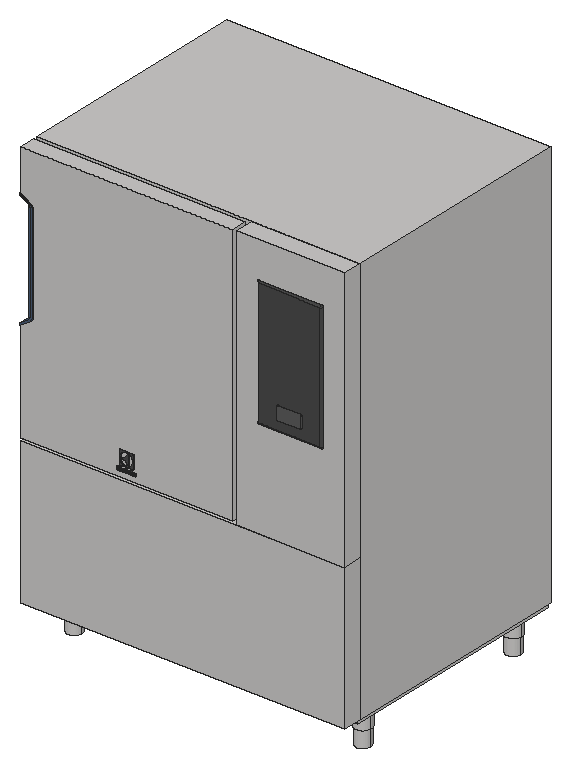
Revit family "QF_ELECTROLUXPROFESSIONAL_727908_EBFA12HE", category Specialty Equipment, Revit 2018 (continued)
Automatic sketch dimensions
  Split face 39 sketch curve to Extrusion 4 = 165.478 mm
  Split face 39 sketch curve to Split face 39 sketch curve = 4.974 mm
  Split face 40 sketch curve to Extrusion 4 = 30.031 mm
  Split face 40 sketch curve to Split face 40 sketch curve = 110.016 mm
  Split face 40 sketch curve to Extrusion 4 = 155.978 mm
  Split face 40 sketch curve to Split face 40 sketch curve = 4.974 mm
  Split face 41 sketch curve to Extrusion 4 = 30.031 mm
  Split face 41 sketch curve to Split face 41 sketch curve = 110.016 mm
  Split face 41 sketch curve to Extrusion 4 = 146.478 mm
  Split face 41 sketch curve to Split face 41 sketch curve = 4.974 mm
  Split face 42 sketch curve to Extrusion 4 = 33.499 mm
  Split face 42 sketch curve to Extrusion 4 = 150.022 mm
  Split face 42 sketch curve to Extrusion 4 = 28.525 mm
  Split face 42 sketch curve to Split face 42 sketch curve = 110.016 mm
  Split face 43 sketch curve to Extrusion 4 = 42.999 mm
  Split face 43 sketch curve to Extrusion 4 = 150.022 mm
  Split face 43 sketch curve to Extrusion 4 = 38.025 mm
  Split face 43 sketch curve to Split face 43 sketch curve = 110.016 mm
  Split face 44 sketch curve to Extrusion 4 = 52.499 mm
  Split face 44 sketch curve to Extrusion 4 = 150.022 mm
  Split face 44 sketch curve to Extrusion 4 = 47.525 mm
  Split face 44 sketch curve to Split face 44 sketch curve = 110.016 mm
  Split face 45 sketch curve to Extrusion 4 = 61.999 mm
  Split face 45 sketch curve to Extrusion 4 = 150.022 mm
  Split face 45 sketch curve to Split face 45 sketch curve = 110.016 mm
  Split face 45 sketch curve to Split face 45 sketch curve = 4.974 mm
  Split face 46 sketch curve to Extrusion 4 = 71.499 mm
  Split face 46 sketch curve to Extrusion 4 = 150.022 mm
  Split face 46 sketch curve to Split face 46 sketch curve = 110.016 mm
  Split face 46 sketch curve to Split face 46 sketch curve = 4.974 mm
  Split face 47 sketch curve to Extrusion 4 = 150.022 mm
  Split face 47 sketch curve to Split face 47 sketch curve = 110.016 mm
  Split face 47 sketch curve to Extrusion 4 = 80.999 mm
  Split face 47 sketch curve to Split face 47 sketch curve = 4.974 mm
  Split face 48 sketch curve to Extrusion 4 = 150.022 mm
  Split face 48 sketch curve to Split face 48 sketch curve = 110.016 mm
  Split face 48 sketch curve to Extrusion 4 = 90.499 mm
  Split face 48 sketch curve to Split face 48 sketch curve = 4.974 mm
  Split face 49 sketch curve to Extrusion 4 = 150.022 mm
  Split face 49 sketch curve to Split face 49 sketch curve = 110.016 mm
  Split face 49 sketch curve to Extrusion 4 = 99.999 mm
  Split face 49 sketch curve to Split face 49 sketch curve = 4.974 mm
  Split face 50 sketch curve to Extrusion 4 = 150.022 mm
  Split face 50 sketch curve to Split face 50 sketch curve = 110.016 mm
  Split face 50 sketch curve to Extrusion 4 = 109.499 mm
  Split face 50 sketch curve to Split face 50 sketch curve = 4.974 mm
  Split face 51 sketch curve to Extrusion 4 = 150.022 mm
  Split face 51 sketch curve to Split face 51 sketch curve = 110.016 mm
  Split face 51 sketch curve to Extrusion 4 = 119 mm
  Split face 51 sketch curve to Split face 51 sketch curve = 4.974 mm
  Split face 52 sketch curve to Extrusion 4 = 150.022 mm
  Split face 52 sketch curve to Split face 52 sketch curve = 110.016 mm
  Split face 52 sketch curve to Extrusion 4 = 128.5 mm
  Split face 52 sketch curve to Split face 52 sketch curve = 4.974 mm
  Split face 53 sketch curve to Extrusion 4 = 150.022 mm
  Split face 53 sketch curve to Split face 53 sketch curve = 110.016 mm
  Split face 53 sketch curve to Extrusion 4 = 138 mm
  Split face 53 sketch curve to Split face 53 sketch curve = 4.974 mm
  Split face 54 sketch curve to Extrusion 4 = 150.022 mm
  Split face 54 sketch curve to Split face 54 sketch curve = 110.016 mm
  Split face 54 sketch curve to Extrusion 4 = 147.5 mm
  Split face 54 sketch curve to Split face 54 sketch curve = 4.974 mm
  Split face 55 sketch curve to Extrusion 4 = 150.022 mm
  Split face 55 sketch curve to Split face 55 sketch curve = 110.016 mm
  Split face 55 sketch curve to Extrusion 4 = 157 mm
  Split face 55 sketch curve to Split face 55 sketch curve = 4.974 mm
  Split face 56 sketch curve to Extrusion 4 = 150.022 mm
  Split face 56 sketch curve to Split face 56 sketch curve = 110.016 mm
  Split face 56 sketch curve to Extrusion 4 = 166.5 mm
  Split face 56 sketch curve to Split face 56 sketch curve = 4.974 mm
  Split face 57 sketch curve to Extrusion 4 = 150.022 mm
  Split face 57 sketch curve to Split face 57 sketch curve = 110.016 mm
  Split face 57 sketch curve to Extrusion 4 = 176 mm
  Split face 57 sketch curve to Split face 57 sketch curve = 4.974 mm
  Split face 58 sketch curve to Extrusion 4 = 150.022 mm
  Split face 58 sketch curve to Split face 58 sketch curve = 110.016 mm
  Split face 58 sketch curve to Extrusion 4 = 185.5 mm
  Split face 58 sketch curve to Split face 58 sketch curve = 4.974 mm
  Split face 59 sketch curve to Extrusion 4 = 150.022 mm
  Split face 59 sketch curve to Split face 59 sketch curve = 110.016 mm
  Split face 59 sketch curve to Extrusion 4 = 195 mm
  Split face 59 sketch curve to Split face 59 sketch curve = 4.974 mm
  Split face 60 sketch curve to Extrusion 4 = 150.022 mm
  Split face 60 sketch curve to Split face 60 sketch curve = 110.016 mm
  Split face 60 sketch curve to Extrusion 4 = 204.5 mm
  Split face 60 sketch curve to Split face 60 sketch curve = 4.974 mm
  Split face 61 sketch curve to Extrusion 4 = 150.022 mm
  Split face 61 sketch curve to Split face 61 sketch curve = 110.016 mm
  Split face 61 sketch curve to Extrusion 4 = 214 mm
  Split face 61 sketch curve to Split face 61 sketch curve = 4.974 mm
  Split face 62 sketch curve to Extrusion 4 = 150.022 mm
  Split face 62 sketch curve to Split face 62 sketch curve = 110.016 mm
  Split face 62 sketch curve to Extrusion 4 = 223.5 mm
  Split face 62 sketch curve to Split face 62 sketch curve = 4.974 mm
  Split face 63 sketch curve to Extrusion 4 = 150.022 mm
  Split face 63 sketch curve to Split face 63 sketch curve = 110.016 mm
  Split face 63 sketch curve to Extrusion 4 = 233.001 mm
  Split face 63 sketch curve to Split face 63 sketch curve = 4.974 mm
  Split face 64 sketch curve to Extrusion 4 = 150.022 mm
  Split face 64 sketch curve to Split face 64 sketch curve = 110.016 mm
  Split face 64 sketch curve to Extrusion 4 = 242.501 mm
  Split face 64 sketch curve to Split face 64 sketch curve = 4.974 mm
  Split face 65 sketch curve to Extrusion 4 = 150.022 mm
  Split face 65 sketch curve to Split face 65 sketch curve = 110.016 mm
  Split face 65 sketch curve to Extrusion 4 = 252.001 mm
  Split face 65 sketch curve to Split face 65 sketch curve = 4.974 mm
  Split face 66 sketch curve to Extrusion 4 = 150.022 mm
  Split face 66 sketch curve to Split face 66 sketch curve = 110.016 mm
  Split face 66 sketch curve to Extrusion 4 = 261.501 mm
  Split face 66 sketch curve to Split face 66 sketch curve = 4.974 mm
  Split face 67 sketch curve to Extrusion 4 = 150.022 mm
  Split face 67 sketch curve to Split face 67 sketch curve = 110.016 mm
  Split face 67 sketch curve to Extrusion 4 = 271.001 mm
  Split face 67 sketch curve to Split face 67 sketch curve = 4.974 mm
  Split face 68 sketch curve to Extrusion 4 = 150.022 mm
  Split face 68 sketch curve to Split face 68 sketch curve = 110.016 mm
  Split face 68 sketch curve to Extrusion 4 = 279.479 mm
  Split face 68 sketch curve to Split face 68 sketch curve = 4.974 mm
  Split face 69 sketch curve to Extrusion 4 = 150.022 mm
  Split face 69 sketch curve to Split face 69 sketch curve = 110.016 mm
  Split face 69 sketch curve to Extrusion 4 = 269.979 mm
  Split face 69 sketch curve to Split face 69 sketch curve = 4.974 mm
  Split face 70 sketch curve to Extrusion 4 = 150.022 mm
  Split face 70 sketch curve to Split face 70 sketch curve = 110.016 mm
  Split face 70 sketch curve to Extrusion 4 = 260.479 mm
  Split face 70 sketch curve to Split face 70 sketch curve = 4.974 mm
  Split face 71 sketch curve to Extrusion 4 = 150.022 mm
  Split face 71 sketch curve to Split face 71 sketch curve = 110.016 mm
  Split face 71 sketch curve to Extrusion 4 = 250.978 mm
  Split face 71 sketch curve to Split face 71 sketch curve = 4.974 mm
  Split face 72 sketch curve to Extrusion 4 = 150.022 mm
  Split face 72 sketch curve to Split face 72 sketch curve = 110.016 mm
  Split face 72 sketch curve to Extrusion 4 = 241.478 mm
  Split face 72 sketch curve to Split face 72 sketch curve = 4.974 mm
  Split face 73 sketch curve to Extrusion 4 = 150.022 mm
  Split face 73 sketch curve to Split face 73 sketch curve = 110.016 mm
  Split face 73 sketch curve to Extrusion 4 = 231.978 mm
  Split face 73 sketch curve to Split face 73 sketch curve = 4.974 mm
  Split face 74 sketch curve to Extrusion 4 = 150.022 mm
  Split face 74 sketch curve to Split face 74 sketch curve = 110.016 mm
  Split face 74 sketch curve to Extrusion 4 = 222.478 mm
  Split face 74 sketch curve to Split face 74 sketch curve = 4.974 mm
  Split face 75 sketch curve to Extrusion 4 = 150.022 mm
  Split face 75 sketch curve to Split face 75 sketch curve = 110.016 mm
  Split face 75 sketch curve to Extrusion 4 = 212.978 mm
  Split face 75 sketch curve to Split face 75 sketch curve = 4.974 mm
  Split face 76 sketch curve to Extrusion 4 = 150.022 mm
  Split face 76 sketch curve to Split face 76 sketch curve = 110.016 mm
  Split face 76 sketch curve to Extrusion 4 = 203.478 mm
  Split face 76 sketch curve to Split face 76 sketch curve = 4.974 mm
  Split face 77 sketch curve to Extrusion 4 = 150.022 mm
  Split face 77 sketch curve to Split face 77 sketch curve = 110.016 mm
  Split face 77 sketch curve to Extrusion 4 = 193.978 mm
  Split face 77 sketch curve to Split face 77 sketch curve = 4.974 mm
  Split face 78 sketch curve to Extrusion 4 = 150.022 mm
  Split face 78 sketch curve to Split face 78 sketch curve = 110.016 mm
  Split face 78 sketch curve to Extrusion 4 = 184.478 mm
  Split face 78 sketch curve to Split face 78 sketch curve = 4.974 mm
  Split face 79 sketch curve to Extrusion 4 = 150.022 mm
  Split face 79 sketch curve to Split face 79 sketch curve = 110.016 mm
  Split face 79 sketch curve to Extrusion 4 = 174.978 mm
  Split face 79 sketch curve to Split face 79 sketch curve = 4.974 mm
  Split face 80 sketch curve to Extrusion 4 = 150.022 mm
  Split face 80 sketch curve to Split face 80 sketch curve = 110.016 mm
  Split face 80 sketch curve to Extrusion 4 = 165.478 mm
  Split face 80 sketch curve to Split face 80 sketch curve = 4.974 mm
  Split face 81 sketch curve to Extrusion 4 = 150.022 mm
  Split face 81 sketch curve to Split face 81 sketch curve = 110.016 mm
  Split face 81 sketch curve to Extrusion 4 = 155.978 mm
  Split face 81 sketch curve to Split face 81 sketch curve = 4.974 mm
  Split face 82 sketch curve to Extrusion 4 = 150.022 mm
  Split face 82 sketch curve to Split face 82 sketch curve = 110.016 mm
  Split face 82 sketch curve to Extrusion 4 = 146.478 mm
  Split face 82 sketch curve to Split face 82 sketch curve = 4.974 mm
  Split face 83 sketch curve to Extrusion 4 = 33.499 mm
  Split face 83 sketch curve to Extrusion 4 = 270.014 mm
  Split face 83 sketch curve to Extrusion 4 = 28.525 mm
  Split face 83 sketch curve to Split face 83 sketch curve = 110.016 mm
  Split face 84 sketch curve to Extrusion 4 = 42.999 mm
  Split face 84 sketch curve to Extrusion 4 = 270.014 mm
  Split face 84 sketch curve to Extrusion 4 = 38.025 mm
  Split face 84 sketch curve to Split face 84 sketch curve = 110.016 mm
  Split face 85 sketch curve to Extrusion 4 = 52.499 mm
  Split face 85 sketch curve to Extrusion 4 = 270.014 mm
  Split face 85 sketch curve to Extrusion 4 = 47.525 mm
  Split face 85 sketch curve to Split face 85 sketch curve = 110.016 mm
  Split face 86 sketch curve to Extrusion 4 = 61.999 mm
  Split face 86 sketch curve to Extrusion 4 = 270.014 mm
  Split face 86 sketch curve to Split face 86 sketch curve = 110.016 mm
  Split face 86 sketch curve to Split face 86 sketch curve = 4.974 mm
  Split face 87 sketch curve to Extrusion 4 = 71.499 mm
  Split face 87 sketch curve to Extrusion 4 = 270.014 mm
  Split face 87 sketch curve to Split face 87 sketch curve = 110.016 mm
  Split face 87 sketch curve to Split face 87 sketch curve = 4.974 mm
  Split face 88 sketch curve to Extrusion 4 = 80.999 mm
  Split face 88 sketch curve to Extrusion 4 = 270.014 mm
  Split face 88 sketch curve to Split face 88 sketch curve = 110.016 mm
  Split face 88 sketch curve to Split face 88 sketch curve = 4.974 mm
  Split face 89 sketch curve to Extrusion 4 = 90.499 mm
  Split face 89 sketch curve to Extrusion 4 = 270.014 mm
  Split face 89 sketch curve to Split face 89 sketch curve = 110.016 mm
  Split face 89 sketch curve to Split face 89 sketch curve = 4.974 mm
  Split face 90 sketch curve to Extrusion 4 = 99.999 mm
  Split face 90 sketch curve to Extrusion 4 = 270.014 mm
  Split face 90 sketch curve to Split face 90 sketch curve = 110.016 mm
  Split face 90 sketch curve to Split face 90 sketch curve = 4.974 mm
  Split face 91 sketch curve to Extrusion 4 = 109.499 mm
  Split face 91 sketch curve to Extrusion 4 = 270.014 mm
  Split face 91 sketch curve to Split face 91 sketch curve = 110.016 mm
  Split face 91 sketch curve to Split face 91 sketch curve = 4.974 mm
  Split face 92 sketch curve to Extrusion 4 = 119 mm
  Split face 92 sketch curve to Extrusion 4 = 270.014 mm
  Split face 92 sketch curve to Split face 92 sketch curve = 110.016 mm
  Split face 92 sketch curve to Split face 92 sketch curve = 4.974 mm
  Split face 93 sketch curve to Extrusion 4 = 128.5 mm
  Split face 93 sketch curve to Extrusion 4 = 270.014 mm
  Split face 93 sketch curve to Split face 93 sketch curve = 110.016 mm
  Split face 93 sketch curve to Split face 93 sketch curve = 4.974 mm
  Split face 94 sketch curve to Extrusion 4 = 270.014 mm
  Split face 94 sketch curve to Split face 94 sketch curve = 110.016 mm
  Split face 94 sketch curve to Extrusion 4 = 138 mm
  Split face 94 sketch curve to Split face 94 sketch curve = 4.974 mm
  Split face 95 sketch curve to Extrusion 4 = 270.014 mm
  Split face 95 sketch curve to Split face 95 sketch curve = 110.016 mm
  Split face 95 sketch curve to Extrusion 4 = 147.5 mm
  Split face 95 sketch curve to Split face 95 sketch curve = 4.974 mm
  Split face 96 sketch curve to Extrusion 4 = 270.014 mm
  Split face 96 sketch curve to Split face 96 sketch curve = 110.016 mm
  Split face 96 sketch curve to Extrusion 4 = 157 mm
  Split face 96 sketch curve to Split face 96 sketch curve = 4.974 mm
  Split face 97 sketch curve to Extrusion 4 = 270.014 mm
  Split face 97 sketch curve to Split face 97 sketch curve = 110.016 mm
  Split face 97 sketch curve to Extrusion 4 = 166.5 mm
  Split face 97 sketch curve to Split face 97 sketch curve = 4.974 mm
  Split face 98 sketch curve to Extrusion 4 = 270.014 mm
  Split face 98 sketch curve to Split face 98 sketch curve = 110.016 mm
  Split face 98 sketch curve to Extrusion 4 = 176 mm
  Split face 98 sketch curve to Split face 98 sketch curve = 4.974 mm
  Split face 99 sketch curve to Extrusion 4 = 270.014 mm
  Split face 99 sketch curve to Split face 99 sketch curve = 110.016 mm
  Split face 99 sketch curve to Extrusion 4 = 185.5 mm
  Split face 99 sketch curve to Split face 99 sketch curve = 4.974 mm
  Split face 100 sketch curve to Extrusion 4 = 270.014 mm
  Split face 100 sketch curve to Split face 100 sketch curve = 110.016 mm
  Split face 100 sketch curve to Extrusion 4 = 195 mm
  Split face 100 sketch curve to Split face 100 sketch curve = 4.974 mm
  Split face 101 sketch curve to Extrusion 4 = 270.014 mm
  Split face 101 sketch curve to Split face 101 sketch curve = 110.016 mm
  Split face 101 sketch curve to Extrusion 4 = 204.5 mm
  Split face 101 sketch curve to Split face 101 sketch curve = 4.974 mm
  Split face 102 sketch curve to Extrusion 4 = 270.014 mm
  Split face 102 sketch curve to Split face 102 sketch curve = 110.016 mm
  Split face 102 sketch curve to Extrusion 4 = 214 mm
  Split face 102 sketch curve to Split face 102 sketch curve = 4.974 mm
  Split face 103 sketch curve to Extrusion 4 = 270.014 mm
  Split face 103 sketch curve to Split face 103 sketch curve = 110.016 mm
  Split face 103 sketch curve to Extrusion 4 = 223.5 mm
  Split face 103 sketch curve to Split face 103 sketch curve = 4.974 mm
  Split face 104 sketch curve to Extrusion 4 = 270.014 mm
  Split face 104 sketch curve to Split face 104 sketch curve = 110.016 mm
  Split face 104 sketch curve to Extrusion 4 = 233.001 mm
  Split face 104 sketch curve to Split face 104 sketch curve = 4.974 mm
  Split face 105 sketch curve to Extrusion 4 = 270.014 mm
  Split face 105 sketch curve to Split face 105 sketch curve = 110.016 mm
  Split face 105 sketch curve to Extrusion 4 = 242.501 mm
  Split face 105 sketch curve to Split face 105 sketch curve = 4.974 mm
  Split face 106 sketch curve to Extrusion 4 = 270.014 mm
  Split face 106 sketch curve to Split face 106 sketch curve = 110.016 mm
  Split face 106 sketch curve to Extrusion 4 = 252.001 mm
  Split face 106 sketch curve to Split face 106 sketch curve = 4.974 mm
  Split face 107 sketch curve to Extrusion 4 = 270.014 mm
  Split face 107 sketch curve to Split face 107 sketch curve = 110.016 mm
  Split face 107 sketch curve to Extrusion 4 = 261.501 mm
  Split face 107 sketch curve to Split face 107 sketch curve = 4.974 mm
  Split face 108 sketch curve to Extrusion 4 = 270.014 mm
  Split face 108 sketch curve to Split face 108 sketch curve = 110.016 mm
  Split face 108 sketch curve to Extrusion 4 = 271.001 mm
  Split face 108 sketch curve to Split face 108 sketch curve = 4.974 mm
  Split face 109 sketch curve to Extrusion 4 = 270.014 mm
  Split face 109 sketch curve to Split face 109 sketch curve = 110.016 mm
  Split face 109 sketch curve to Extrusion 4 = 279.479 mm
  Split face 109 sketch curve to Split face 109 sketch curve = 4.974 mm
  Split face 110 sketch curve to Extrusion 4 = 270.014 mm
  Split face 110 sketch curve to Split face 110 sketch curve = 110.016 mm
  Split face 110 sketch curve to Extrusion 4 = 269.979 mm
  Split face 110 sketch curve to Split face 110 sketch curve = 4.974 mm
  Split face 111 sketch curve to Extrusion 4 = 270.014 mm
  Split face 111 sketch curve to Split face 111 sketch curve = 110.016 mm
  Split face 111 sketch curve to Extrusion 4 = 260.479 mm
  Split face 111 sketch curve to Split face 111 sketch curve = 4.974 mm
  Split face 112 sketch curve to Extrusion 4 = 270.014 mm
  Split face 112 sketch curve to Split face 112 sketch curve = 110.016 mm
  Split face 112 sketch curve to Extrusion 4 = 250.978 mm
  Split face 112 sketch curve to Split face 112 sketch curve = 4.974 mm
  Split face 113 sketch curve to Extrusion 4 = 270.014 mm
  Split face 113 sketch curve to Split face 113 sketch curve = 110.016 mm
  Split face 113 sketch curve to Extrusion 4 = 241.478 mm
  Split face 113 sketch curve to Split face 113 sketch curve = 4.974 mm
  Split face 114 sketch curve to Extrusion 4 = 270.014 mm
  Split face 114 sketch curve to Split face 114 sketch curve = 110.016 mm
  Split face 114 sketch curve to Extrusion 4 = 231.978 mm
  Split face 114 sketch curve to Split face 114 sketch curve = 4.974 mm
  Split face 115 sketch curve to Extrusion 4 = 270.014 mm
  Split face 115 sketch curve to Split face 115 sketch curve = 110.016 mm
  Split face 115 sketch curve to Extrusion 4 = 222.478 mm
  Split face 115 sketch curve to Split face 115 sketch curve = 4.974 mm
  Split face 116 sketch curve to Extrusion 4 = 270.014 mm
  Split face 116 sketch curve to Split face 116 sketch curve = 110.016 mm
  Split face 116 sketch curve to Extrusion 4 = 212.978 mm
  Split face 116 sketch curve to Split face 116 sketch curve = 4.974 mm
  Split face 117 sketch curve to Extrusion 4 = 270.014 mm
  Split face 117 sketch curve to Split face 117 sketch curve = 110.016 mm
  Split face 117 sketch curve to Extrusion 4 = 203.478 mm
  Split face 117 sketch curve to Split face 117 sketch curve = 4.974 mm
  Split face 118 sketch curve to Extrusion 4 = 270.014 mm
  Split face 118 sketch curve to Split face 118 sketch curve = 110.016 mm
  Split face 118 sketch curve to Extrusion 4 = 193.978 mm
  Split face 118 sketch curve to Split face 118 sketch curve = 4.974 mm
  Split face 119 sketch curve to Extrusion 4 = 270.014 mm
  Split face 119 sketch curve to Split face 119 sketch curve = 110.016 mm
  Split face 119 sketch curve to Extrusion 4 = 184.478 mm
  Split face 119 sketch curve to Split face 119 sketch curve = 4.974 mm
  Split face 120 sketch curve to Extrusion 4 = 270.014 mm
  Split face 120 sketch curve to Split face 120 sketch curve = 110.016 mm
  Split face 120 sketch curve to Extrusion 4 = 174.978 mm
  Split face 120 sketch curve to Split face 120 sketch curve = 4.974 mm
  Split face 121 sketch curve to Extrusion 4 = 270.014 mm
  Split face 121 sketch curve to Split face 121 sketch curve = 110.016 mm
  Split face 121 sketch curve to Extrusion 4 = 165.478 mm
  Split face 121 sketch curve to Split face 121 sketch curve = 4.974 mm
  Split face 122 sketch curve to Extrusion 4 = 270.014 mm
  Split face 122 sketch curve to Split face 122 sketch curve = 110.016 mm
  Split face 122 sketch curve to Extrusion 4 = 155.978 mm
  Split face 122 sketch curve to Split face 122 sketch curve = 4.974 mm
  Split face 123 sketch curve to Extrusion 4 = 270.014 mm
  Split face 123 sketch curve to Split face 123 sketch curve = 110.016 mm
  Split face 123 sketch curve to Extrusion 4 = 146.478 mm
  Split face 123 sketch curve to Split face 123 sketch curve = 4.974 mm
  Split face 124 sketch curve to Extrusion 4 = 33.499 mm
  Split face 124 sketch curve to Extrusion 4 = 390.005 mm
  Split face 124 sketch curve to Extrusion 4 = 28.525 mm
  Split face 124 sketch curve to Split face 124 sketch curve = 110.016 mm
  Split face 125 sketch curve to Extrusion 4 = 42.999 mm
  Split face 125 sketch curve to Extrusion 4 = 390.005 mm
  Split face 125 sketch curve to Extrusion 4 = 38.025 mm
  Split face 125 sketch curve to Split face 125 sketch curve = 110.016 mm
  Split face 126 sketch curve to Extrusion 4 = 52.499 mm
  Split face 126 sketch curve to Extrusion 4 = 390.005 mm
  Split face 126 sketch curve to Extrusion 4 = 47.525 mm
  Split face 126 sketch curve to Split face 126 sketch curve = 110.016 mm
  Split face 127 sketch curve to Extrusion 4 = 61.999 mm
  Split face 127 sketch curve to Extrusion 4 = 390.005 mm
  Split face 127 sketch curve to Split face 127 sketch curve = 110.016 mm
  Split face 127 sketch curve to Split face 127 sketch curve = 4.974 mm
  Split face 128 sketch curve to Extrusion 4 = 71.499 mm
  Split face 128 sketch curve to Extrusion 4 = 390.005 mm
  Split face 128 sketch curve to Split face 128 sketch curve = 110.016 mm
  Split face 128 sketch curve to Split face 128 sketch curve = 4.974 mm
  Split face 129 sketch curve to Extrusion 4 = 80.999 mm
  Split face 129 sketch curve to Extrusion 4 = 390.005 mm
  Split face 129 sketch curve to Split face 129 sketch curve = 110.016 mm
  Split face 129 sketch curve to Split face 129 sketch curve = 4.974 mm
  Split face 130 sketch curve to Extrusion 4 = 90.499 mm
  Split face 130 sketch curve to Extrusion 4 = 390.005 mm
  Split face 130 sketch curve to Split face 130 sketch curve = 110.016 mm
  Split face 130 sketch curve to Split face 130 sketch curve = 4.974 mm
  Split face 131 sketch curve to Extrusion 4 = 99.999 mm
  Split face 131 sketch curve to Extrusion 4 = 390.005 mm
  Split face 131 sketch curve to Split face 131 sketch curve = 110.016 mm
  Split face 131 sketch curve to Split face 131 sketch curve = 4.974 mm
  Split face 132 sketch curve to Extrusion 4 = 109.499 mm
  Split face 132 sketch curve to Extrusion 4 = 390.005 mm
  Split face 132 sketch curve to Split face 132 sketch curve = 110.016 mm
  Split face 132 sketch curve to Split face 132 sketch curve = 4.974 mm
  Split face 133 sketch curve to Extrusion 4 = 119 mm
  Split face 133 sketch curve to Extrusion 4 = 390.005 mm
  Split face 133 sketch curve to Split face 133 sketch curve = 110.016 mm
  Split face 133 sketch curve to Split face 133 sketch curve = 4.974 mm
  Split face 134 sketch curve to Extrusion 4 = 128.5 mm
  Split face 134 sketch curve to Extrusion 4 = 390.005 mm
  Split face 134 sketch curve to Split face 134 sketch curve = 110.016 mm
  Split face 134 sketch curve to Split face 134 sketch curve = 4.974 mm
  Split face 135 sketch curve to Extrusion 4 = 138 mm
  Split face 135 sketch curve to Extrusion 4 = 390.005 mm
  Split face 135 sketch curve to Split face 135 sketch curve = 110.016 mm
  Split face 135 sketch curve to Split face 135 sketch curve = 4.974 mm
  Split face 136 sketch curve to Extrusion 4 = 147.5 mm
  Split face 136 sketch curve to Extrusion 4 = 390.005 mm
  Split face 136 sketch curve to Split face 136 sketch curve = 110.016 mm
  Split face 136 sketch curve to Split face 136 sketch curve = 4.974 mm
  Split face 137 sketch curve to Extrusion 4 = 157 mm
  Split face 137 sketch curve to Extrusion 4 = 390.005 mm
  Split face 137 sketch curve to Split face 137 sketch curve = 110.016 mm
  Split face 137 sketch curve to Split face 137 sketch curve = 4.974 mm
  Split face 138 sketch curve to Extrusion 4 = 166.5 mm
  Split face 138 sketch curve to Extrusion 4 = 390.005 mm
  Split face 138 sketch curve to Split face 138 sketch curve = 110.016 mm
  Split face 138 sketch curve to Split face 138 sketch curve = 4.974 mm
  Split face 139 sketch curve to Extrusion 4 = 176 mm
  Split face 139 sketch curve to Extrusion 4 = 390.005 mm
  Split face 139 sketch curve to Split face 139 sketch curve = 110.016 mm
  Split face 139 sketch curve to Split face 139 sketch curve = 4.974 mm
  Split face 140 sketch curve to Extrusion 4 = 185.5 mm
  Split face 140 sketch curve to Extrusion 4 = 390.005 mm
  Split face 140 sketch curve to Split face 140 sketch curve = 110.016 mm
  Split face 140 sketch curve to Split face 140 sketch curve = 4.974 mm
  Split face 141 sketch curve to Extrusion 4 = 195 mm
  Split face 141 sketch curve to Extrusion 4 = 390.005 mm
  Split face 141 sketch curve to Split face 141 sketch curve = 110.016 mm
  Split face 141 sketch curve to Split face 141 sketch curve = 4.974 mm
  Split face 142 sketch curve to Extrusion 4 = 390.005 mm
  Split face 142 sketch curve to Split face 142 sketch curve = 110.016 mm
  Split face 142 sketch curve to Extrusion 4 = 204.5 mm
  Split face 142 sketch curve to Split face 142 sketch curve = 4.974 mm
  Split face 143 sketch curve to Extrusion 4 = 390.005 mm
  Split face 143 sketch curve to Split face 143 sketch curve = 110.016 mm
  Split face 143 sketch curve to Extrusion 4 = 214 mm
  Split face 143 sketch curve to Split face 143 sketch curve = 4.974 mm
  Split face 144 sketch curve to Extrusion 4 = 390.005 mm
  Split face 144 sketch curve to Split face 144 sketch curve = 110.016 mm
  Split face 144 sketch curve to Extrusion 4 = 223.5 mm
  Split face 144 sketch curve to Split face 144 sketch curve = 4.974 mm
  Split face 145 sketch curve to Extrusion 4 = 390.005 mm
  Split face 145 sketch curve to Split face 145 sketch curve = 110.016 mm
  Split face 145 sketch curve to Extrusion 4 = 233.001 mm
  Split face 145 sketch curve to Split face 145 sketch curve = 4.974 mm
  Split face 146 sketch curve to Extrusion 4 = 390.005 mm
  Split face 146 sketch curve to Split face 146 sketch curve = 110.016 mm
  Split face 146 sketch curve to Extrusion 4 = 242.501 mm
  Split face 146 sketch curve to Split face 146 sketch curve = 4.974 mm
  Split face 147 sketch curve to Extrusion 4 = 390.005 mm
  Split face 147 sketch curve to Split face 147 sketch curve = 110.016 mm
  Split face 147 sketch curve to Extrusion 4 = 252.001 mm
  Split face 147 sketch curve to Split face 147 sketch curve = 4.974 mm
  Split face 148 sketch curve to Extrusion 4 = 390.005 mm
  Split face 148 sketch curve to Split face 148 sketch curve = 110.016 mm
  Split face 148 sketch curve to Extrusion 4 = 261.501 mm
  Split face 148 sketch curve to Split face 148 sketch curve = 4.974 mm
  Split face 149 sketch curve to Extrusion 4 = 390.005 mm
  Split face 149 sketch curve to Split face 149 sketch curve = 110.016 mm
  Split face 149 sketch curve to Extrusion 4 = 271.001 mm
  Split face 149 sketch curve to Split face 149 sketch curve = 4.974 mm
  Split face 150 sketch curve to Extrusion 4 = 390.005 mm
  Split face 150 sketch curve to Split face 150 sketch curve = 110.016 mm
  Split face 150 sketch curve to Extrusion 4 = 279.479 mm
  Split face 150 sketch curve to Split face 150 sketch curve = 4.974 mm
  Split face 151 sketch curve to Extrusion 4 = 390.005 mm
  Split face 151 sketch curve to Split face 151 sketch curve = 110.016 mm
  Split face 151 sketch curve to Extrusion 4 = 269.979 mm
  Split face 151 sketch curve to Split face 151 sketch curve = 4.974 mm
  Split face 152 sketch curve to Extrusion 4 = 390.005 mm
  Split face 152 sketch curve to Split face 152 sketch curve = 110.016 mm
  Split face 152 sketch curve to Extrusion 4 = 260.479 mm
  Split face 152 sketch curve to Split face 152 sketch curve = 4.974 mm
  Split face 153 sketch curve to Extrusion 4 = 390.005 mm
  Split face 153 sketch curve to Split face 153 sketch curve = 110.016 mm
  Split face 153 sketch curve to Extrusion 4 = 250.978 mm
  Split face 153 sketch curve to Split face 153 sketch curve = 4.974 mm
  Split face 154 sketch curve to Extrusion 4 = 390.005 mm
  Split face 154 sketch curve to Split face 154 sketch curve = 110.016 mm
  Split face 154 sketch curve to Extrusion 4 = 241.478 mm
  Split face 154 sketch curve to Split face 154 sketch curve = 4.974 mm
  Split face 155 sketch curve to Extrusion 4 = 390.005 mm
  Split face 155 sketch curve to Split face 155 sketch curve = 110.016 mm
  Split face 155 sketch curve to Extrusion 4 = 231.978 mm
  Split face 155 sketch curve to Split face 155 sketch curve = 4.974 mm
  Split face 156 sketch curve to Extrusion 4 = 390.005 mm
  Split face 156 sketch curve to Split face 156 sketch curve = 110.016 mm
  Split face 156 sketch curve to Extrusion 4 = 222.478 mm
  Split face 156 sketch curve to Split face 156 sketch curve = 4.974 mm
  Split face 157 sketch curve to Extrusion 4 = 390.005 mm
  Split face 157 sketch curve to Split face 157 sketch curve = 110.016 mm
  Split face 157 sketch curve to Extrusion 4 = 212.978 mm
  Split face 157 sketch curve to Split face 157 sketch curve = 4.974 mm
  Split face 158 sketch curve to Extrusion 4 = 390.005 mm
  Split face 158 sketch curve to Split face 158 sketch curve = 110.016 mm
  Split face 158 sketch curve to Extrusion 4 = 203.478 mm
  Split face 158 sketch curve to Split face 158 sketch curve = 4.974 mm
  Split face 159 sketch curve to Extrusion 4 = 193.978 mm
  Split face 159 sketch curve to Extrusion 4 = 390.005 mm
  Split face 159 sketch curve to Split face 159 sketch curve = 110.016 mm
  Split face 159 sketch curve to Split face 159 sketch curve = 4.974 mm
  Split face 160 sketch curve to Extrusion 4 = 184.478 mm
  Split face 160 sketch curve to Extrusion 4 = 390.005 mm
  Split face 160 sketch curve to Split face 160 sketch curve = 110.016 mm
  Split face 160 sketch curve to Split face 160 sketch curve = 4.974 mm
  Split face 161 sketch curve to Extrusion 4 = 174.978 mm
  Split face 161 sketch curve to Extrusion 4 = 390.005 mm
  Split face 161 sketch curve to Split face 161 sketch curve = 110.016 mm
  Split face 161 sketch curve to Split face 161 sketch curve = 4.974 mm
  Split face 162 sketch curve to Extrusion 4 = 165.478 mm
  Split face 162 sketch curve to Extrusion 4 = 390.005 mm
  Split face 162 sketch curve to Split face 162 sketch curve = 110.016 mm
  Split face 162 sketch curve to Split face 162 sketch curve = 4.974 mm
  Split face 163 sketch curve to Extrusion 4 = 155.978 mm
  Split face 163 sketch curve to Extrusion 4 = 390.005 mm
  Split face 163 sketch curve to Split face 163 sketch curve = 110.016 mm
  Split face 163 sketch curve to Split face 163 sketch curve = 4.974 mm
  Split face 164 sketch curve to Extrusion 4 = 146.478 mm
  Split face 164 sketch curve to Extrusion 4 = 390.005 mm
  Split face 164 sketch curve to Split face 164 sketch curve = 110.016 mm
  Split face 164 sketch curve to Split face 164 sketch curve = 4.974 mm
  Split face 165 sketch curve to Extrusion 4 = 33.499 mm
  Split face 165 sketch curve to Extrusion 4 = 380.03 mm
  Split face 165 sketch curve to Extrusion 4 = 28.525 mm
  Split face 165 sketch curve to Split face 165 sketch curve = 110.016 mm
  Split face 166 sketch curve to Extrusion 4 = 42.999 mm
  Split face 166 sketch curve to Extrusion 4 = 380.03 mm
  Split face 166 sketch curve to Extrusion 4 = 38.025 mm
  Split face 166 sketch curve to Split face 166 sketch curve = 110.016 mm
  Split face 167 sketch curve to Extrusion 4 = 52.499 mm
  Split face 167 sketch curve to Extrusion 4 = 380.03 mm
  Split face 167 sketch curve to Extrusion 4 = 47.525 mm
  Split face 167 sketch curve to Split face 167 sketch curve = 110.016 mm
  Split face 168 sketch curve to Extrusion 4 = 61.999 mm
  Split face 168 sketch curve to Extrusion 4 = 380.03 mm
  Split face 168 sketch curve to Split face 168 sketch curve = 110.016 mm
  Split face 168 sketch curve to Split face 168 sketch curve = 4.974 mm
  Split face 169 sketch curve to Extrusion 4 = 71.499 mm
  Split face 169 sketch curve to Extrusion 4 = 380.03 mm
  Split face 169 sketch curve to Split face 169 sketch curve = 110.016 mm
  Split face 169 sketch curve to Split face 169 sketch curve = 4.974 mm
  Split face 170 sketch curve to Extrusion 4 = 80.999 mm
  Split face 170 sketch curve to Extrusion 4 = 380.03 mm
  Split face 170 sketch curve to Split face 170 sketch curve = 110.016 mm
  Split face 170 sketch curve to Split face 170 sketch curve = 4.974 mm
  Split face 171 sketch curve to Extrusion 4 = 90.499 mm
  Split face 171 sketch curve to Extrusion 4 = 380.03 mm
  Split face 171 sketch curve to Split face 171 sketch curve = 110.016 mm
  Split face 171 sketch curve to Split face 171 sketch curve = 4.974 mm
  Split face 172 sketch curve to Extrusion 4 = 99.999 mm
  Split face 172 sketch curve to Extrusion 4 = 380.03 mm
  Split face 172 sketch curve to Split face 172 sketch curve = 110.016 mm
  Split face 172 sketch curve to Split face 172 sketch curve = 4.974 mm
  Split face 173 sketch curve to Extrusion 4 = 109.499 mm
  Split face 173 sketch curve to Extrusion 4 = 380.03 mm
  Split face 173 sketch curve to Split face 173 sketch curve = 110.016 mm
  Split face 173 sketch curve to Split face 173 sketch curve = 4.974 mm
  Split face 174 sketch curve to Extrusion 4 = 119 mm
  Split face 174 sketch curve to Extrusion 4 = 380.03 mm
  Split face 174 sketch curve to Split face 174 sketch curve = 110.016 mm
  Split face 174 sketch curve to Split face 174 sketch curve = 4.974 mm
  Split face 175 sketch curve to Extrusion 4 = 128.5 mm
  Split face 175 sketch curve to Extrusion 4 = 380.03 mm
  Split face 175 sketch curve to Split face 175 sketch curve = 110.016 mm
  Split face 175 sketch curve to Split face 175 sketch curve = 4.974 mm
  Split face 176 sketch curve to Extrusion 4 = 138 mm
  Split face 176 sketch curve to Extrusion 4 = 380.03 mm
  Split face 176 sketch curve to Split face 176 sketch curve = 110.016 mm
  Split face 176 sketch curve to Split face 176 sketch curve = 4.974 mm
  Split face 177 sketch curve to Extrusion 4 = 147.5 mm
  Split face 177 sketch curve to Extrusion 4 = 380.03 mm
  Split face 177 sketch curve to Split face 177 sketch curve = 110.016 mm
  Split face 177 sketch curve to Split face 177 sketch curve = 4.974 mm
  Split face 178 sketch curve to Extrusion 4 = 157 mm
  Split face 178 sketch curve to Extrusion 4 = 380.03 mm
  Split face 178 sketch curve to Split face 178 sketch curve = 110.016 mm
  Split face 178 sketch curve to Split face 178 sketch curve = 4.974 mm
  Split face 179 sketch curve to Extrusion 4 = 166.5 mm
  Split face 179 sketch curve to Extrusion 4 = 380.03 mm
  Split face 179 sketch curve to Split face 179 sketch curve = 110.016 mm
  Split face 179 sketch curve to Split face 179 sketch curve = 4.974 mm
  Split face 180 sketch curve to Extrusion 4 = 176 mm
  Split face 180 sketch curve to Extrusion 4 = 380.03 mm
  Split face 180 sketch curve to Split face 180 sketch curve = 110.016 mm
  Split face 180 sketch curve to Split face 180 sketch curve = 4.974 mm
  Split face 181 sketch curve to Extrusion 4 = 185.5 mm
  Split face 181 sketch curve to Extrusion 4 = 380.03 mm
  Split face 181 sketch curve to Split face 181 sketch curve = 110.016 mm
  Split face 181 sketch curve to Split face 181 sketch curve = 4.974 mm
  Split face 182 sketch curve to Extrusion 4 = 380.03 mm
  Split face 182 sketch curve to Split face 182 sketch curve = 110.016 mm
  Split face 182 sketch curve to Extrusion 4 = 195 mm
  Split face 182 sketch curve to Split face 182 sketch curve = 4.974 mm
  Split face 183 sketch curve to Extrusion 4 = 380.03 mm
  Split face 183 sketch curve to Split face 183 sketch curve = 110.016 mm
  Split face 183 sketch curve to Extrusion 4 = 204.5 mm
  Split face 183 sketch curve to Split face 183 sketch curve = 4.974 mm
  Split face 184 sketch curve to Extrusion 4 = 380.03 mm
  Split face 184 sketch curve to Split face 184 sketch curve = 110.016 mm
  Split face 184 sketch curve to Extrusion 4 = 214 mm
  Split face 184 sketch curve to Split face 184 sketch curve = 4.974 mm
  Split face 185 sketch curve to Extrusion 4 = 380.03 mm
  Split face 185 sketch curve to Split face 185 sketch curve = 110.016 mm
  Split face 185 sketch curve to Extrusion 4 = 223.5 mm
  Split face 185 sketch curve to Split face 185 sketch curve = 4.974 mm
  Split face 186 sketch curve to Extrusion 4 = 380.03 mm
  Split face 186 sketch curve to Split face 186 sketch curve = 110.016 mm
  Split face 186 sketch curve to Extrusion 4 = 233.001 mm
  Split face 186 sketch curve to Split face 186 sketch curve = 4.974 mm
  Split face 187 sketch curve to Extrusion 4 = 380.03 mm
  Split face 187 sketch curve to Split face 187 sketch curve = 110.016 mm
  Split face 187 sketch curve to Extrusion 4 = 242.501 mm
  Split face 187 sketch curve to Split face 187 sketch curve = 4.974 mm
  Split face 188 sketch curve to Extrusion 4 = 380.03 mm
  Split face 188 sketch curve to Split face 188 sketch curve = 110.016 mm
  Split face 188 sketch curve to Extrusion 4 = 252.001 mm
  Split face 188 sketch curve to Split face 188 sketch curve = 4.974 mm
  Split face 189 sketch curve to Extrusion 4 = 380.03 mm
  Split face 189 sketch curve to Split face 189 sketch curve = 110.016 mm
  Split face 189 sketch curve to Extrusion 4 = 261.501 mm
  Split face 189 sketch curve to Split face 189 sketch curve = 4.974 mm
  Split face 190 sketch curve to Extrusion 4 = 380.03 mm
  Split face 190 sketch curve to Split face 190 sketch curve = 110.016 mm
  Split face 190 sketch curve to Extrusion 4 = 271.001 mm
  Split face 190 sketch curve to Split face 190 sketch curve = 4.974 mm
  Split face 191 sketch curve to Extrusion 4 = 380.03 mm
  Split face 191 sketch curve to Split face 191 sketch curve = 110.016 mm
  Split face 191 sketch curve to Extrusion 4 = 279.479 mm
  Split face 191 sketch curve to Split face 191 sketch curve = 4.974 mm
  Split face 192 sketch curve to Extrusion 4 = 380.03 mm
  Split face 192 sketch curve to Split face 192 sketch curve = 110.016 mm
  Split face 192 sketch curve to Extrusion 4 = 269.979 mm
  Split face 192 sketch curve to Split face 192 sketch curve = 4.974 mm
  Split face 193 sketch curve to Extrusion 4 = 380.03 mm
  Split face 193 sketch curve to Split face 193 sketch curve = 110.016 mm
  Split face 193 sketch curve to Extrusion 4 = 260.479 mm
  Split face 193 sketch curve to Split face 193 sketch curve = 4.974 mm
  Split face 194 sketch curve to Extrusion 4 = 380.03 mm
  Split face 194 sketch curve to Split face 194 sketch curve = 110.016 mm
  Split face 194 sketch curve to Extrusion 4 = 250.978 mm
  Split face 194 sketch curve to Split face 194 sketch curve = 4.974 mm
  Split face 195 sketch curve to Extrusion 4 = 380.03 mm
  Split face 195 sketch curve to Split face 195 sketch curve = 110.016 mm
  Split face 195 sketch curve to Extrusion 4 = 241.478 mm
  Split face 195 sketch curve to Split face 195 sketch curve = 4.974 mm
  Split face 196 sketch curve to Extrusion 4 = 380.03 mm
  Split face 196 sketch curve to Split face 196 sketch curve = 110.016 mm
  Split face 196 sketch curve to Extrusion 4 = 231.978 mm
  Split face 196 sketch curve to Split face 196 sketch curve = 4.974 mm
  Split face 197 sketch curve to Extrusion 4 = 380.03 mm
  Split face 197 sketch curve to Split face 197 sketch curve = 110.016 mm
  Split face 197 sketch curve to Extrusion 4 = 222.478 mm
  Split face 197 sketch curve to Split face 197 sketch curve = 4.974 mm
  Split face 198 sketch curve to Extrusion 4 = 380.03 mm
  Split face 198 sketch curve to Split face 198 sketch curve = 110.016 mm
  Split face 198 sketch curve to Extrusion 4 = 212.978 mm
  Split face 198 sketch curve to Split face 198 sketch curve = 4.974 mm
  Split face 199 sketch curve to Extrusion 4 = 380.03 mm
  Split face 199 sketch curve to Split face 199 sketch curve = 110.016 mm
  Split face 199 sketch curve to Extrusion 4 = 203.478 mm
  Split face 199 sketch curve to Split face 199 sketch curve = 4.974 mm
  Split face 200 sketch curve to Extrusion 4 = 380.03 mm
  Split face 200 sketch curve to Split face 200 sketch curve = 110.016 mm
  Split face 200 sketch curve to Extrusion 4 = 193.978 mm
  Split face 200 sketch curve to Split face 200 sketch curve = 4.974 mm
  Split face 201 sketch curve to Extrusion 4 = 184.478 mm
  Split face 201 sketch curve to Extrusion 4 = 380.03 mm
  Split face 201 sketch curve to Split face 201 sketch curve = 110.016 mm
  Split face 201 sketch curve to Split face 201 sketch curve = 4.974 mm
  Split face 202 sketch curve to Extrusion 4 = 174.978 mm
  Split face 202 sketch curve to Extrusion 4 = 380.03 mm
  Split face 202 sketch curve to Split face 202 sketch curve = 110.016 mm
  Split face 202 sketch curve to Split face 202 sketch curve = 4.974 mm
  Split face 203 sketch curve to Extrusion 4 = 165.478 mm
  Split face 203 sketch curve to Extrusion 4 = 380.03 mm
  Split face 203 sketch curve to Split face 203 sketch curve = 110.016 mm
  Split face 203 sketch curve to Split face 203 sketch curve = 4.974 mm
  Split face 204 sketch curve to Extrusion 4 = 155.978 mm
  Split face 204 sketch curve to Extrusion 4 = 380.03 mm
  Split face 204 sketch curve to Split face 204 sketch curve = 110.016 mm
  Split face 204 sketch curve to Split face 204 sketch curve = 4.974 mm
  Split face 205 sketch curve to Extrusion 4 = 146.478 mm
  Split face 205 sketch curve to Extrusion 4 = 380.03 mm
  Split face 205 sketch curve to Split face 205 sketch curve = 110.016 mm
  Split face 205 sketch curve to Split face 205 sketch curve = 4.974 mm
  Split face 206 sketch curve to Extrusion 4 = 33.499 mm
  Split face 206 sketch curve to Extrusion 4 = 260.039 mm
  Split face 206 sketch curve to Extrusion 4 = 28.525 mm
  Split face 206 sketch curve to Split face 206 sketch curve = 110.016 mm
  Split face 207 sketch curve to Extrusion 4 = 42.999 mm
  Split face 207 sketch curve to Extrusion 4 = 260.039 mm
  Split face 207 sketch curve to Extrusion 4 = 38.025 mm
  Split face 207 sketch curve to Split face 207 sketch curve = 110.016 mm
  Split face 208 sketch curve to Extrusion 4 = 52.499 mm
  Split face 208 sketch curve to Extrusion 4 = 260.039 mm
  Split face 208 sketch curve to Extrusion 4 = 47.525 mm
  Split face 208 sketch curve to Split face 208 sketch curve = 110.016 mm
  Split face 209 sketch curve to Extrusion 4 = 61.999 mm
  Split face 209 sketch curve to Extrusion 4 = 260.039 mm
  Split face 209 sketch curve to Split face 209 sketch curve = 110.016 mm
  Split face 209 sketch curve to Split face 209 sketch curve = 4.974 mm
  Split face 210 sketch curve to Extrusion 4 = 71.499 mm
  Split face 210 sketch curve to Extrusion 4 = 260.039 mm
  Split face 210 sketch curve to Split face 210 sketch curve = 110.016 mm
  Split face 210 sketch curve to Split face 210 sketch curve = 4.974 mm
  Split face 211 sketch curve to Extrusion 4 = 80.999 mm
  Split face 211 sketch curve to Extrusion 4 = 260.039 mm
  Split face 211 sketch curve to Split face 211 sketch curve = 110.016 mm
  Split face 211 sketch curve to Split face 211 sketch curve = 4.974 mm
  Split face 212 sketch curve to Extrusion 4 = 90.499 mm
  Split face 212 sketch curve to Extrusion 4 = 260.039 mm
  Split face 212 sketch curve to Split face 212 sketch curve = 110.016 mm
  Split face 212 sketch curve to Split face 212 sketch curve = 4.974 mm
  Split face 213 sketch curve to Extrusion 4 = 99.999 mm
  Split face 213 sketch curve to Extrusion 4 = 260.039 mm
  Split face 213 sketch curve to Split face 213 sketch curve = 110.016 mm
  Split face 213 sketch curve to Split face 213 sketch curve = 4.974 mm
  Split face 214 sketch curve to Extrusion 4 = 109.499 mm
  Split face 214 sketch curve to Extrusion 4 = 260.039 mm
  Split face 214 sketch curve to Split face 214 sketch curve = 110.016 mm
  Split face 214 sketch curve to Split face 214 sketch curve = 4.974 mm
  Split face 215 sketch curve to Extrusion 4 = 119 mm
  Split face 215 sketch curve to Extrusion 4 = 260.039 mm
  Split face 215 sketch curve to Split face 215 sketch curve = 110.016 mm
  Split face 215 sketch curve to Split face 215 sketch curve = 4.974 mm
  Split face 216 sketch curve to Extrusion 4 = 128.5 mm
  Split face 216 sketch curve to Extrusion 4 = 260.039 mm
  Split face 216 sketch curve to Split face 216 sketch curve = 110.016 mm
  Split face 216 sketch curve to Split face 216 sketch curve = 4.974 mm
  Split face 217 sketch curve to Extrusion 4 = 260.039 mm
  Split face 217 sketch curve to Split face 217 sketch curve = 110.016 mm
  Split face 217 sketch curve to Extrusion 4 = 138 mm
  Split face 217 sketch curve to Split face 217 sketch curve = 4.974 mm
  Split face 218 sketch curve to Extrusion 4 = 260.039 mm
  Split face 218 sketch curve to Split face 218 sketch curve = 110.016 mm
  Split face 218 sketch curve to Extrusion 4 = 147.5 mm
  Split face 218 sketch curve to Split face 218 sketch curve = 4.974 mm
  Split face 219 sketch curve to Extrusion 4 = 260.039 mm
  Split face 219 sketch curve to Split face 219 sketch curve = 110.016 mm
  Split face 219 sketch curve to Extrusion 4 = 157 mm
  Split face 219 sketch curve to Split face 219 sketch curve = 4.974 mm
  Split face 220 sketch curve to Extrusion 4 = 260.039 mm
  Split face 220 sketch curve to Split face 220 sketch curve = 110.016 mm
  Split face 220 sketch curve to Extrusion 4 = 166.5 mm
  Split face 220 sketch curve to Split face 220 sketch curve = 4.974 mm
  Split face 221 sketch curve to Extrusion 4 = 260.039 mm
  Split face 221 sketch curve to Split face 221 sketch curve = 110.016 mm
  Split face 221 sketch curve to Extrusion 4 = 176 mm
  Split face 221 sketch curve to Split face 221 sketch curve = 4.974 mm
  Split face 222 sketch curve to Extrusion 4 = 260.039 mm
  Split face 222 sketch curve to Split face 222 sketch curve = 110.016 mm
  Split face 222 sketch curve to Extrusion 4 = 185.5 mm
  Split face 222 sketch curve to Split face 222 sketch curve = 4.974 mm
  Split face 223 sketch curve to Extrusion 4 = 260.039 mm
  Split face 223 sketch curve to Split face 223 sketch curve = 110.016 mm
  Split face 223 sketch curve to Extrusion 4 = 195 mm
  Split face 223 sketch curve to Split face 223 sketch curve = 4.974 mm
  Split face 224 sketch curve to Extrusion 4 = 260.039 mm
  Split face 224 sketch curve to Split face 224 sketch curve = 110.016 mm
  Split face 224 sketch curve to Extrusion 4 = 204.5 mm
  Split face 224 sketch curve to Split face 224 sketch curve = 4.974 mm
  Split face 225 sketch curve to Extrusion 4 = 260.039 mm
  Split face 225 sketch curve to Split face 225 sketch curve = 110.016 mm
  Split face 225 sketch curve to Extrusion 4 = 214 mm
  Split face 225 sketch curve to Split face 225 sketch curve = 4.974 mm
  Split face 226 sketch curve to Extrusion 4 = 260.039 mm
  Split face 226 sketch curve to Split face 226 sketch curve = 110.016 mm
  Split face 226 sketch curve to Extrusion 4 = 223.5 mm
  Split face 226 sketch curve to Split face 226 sketch curve = 4.974 mm
  Split face 227 sketch curve to Extrusion 4 = 260.039 mm
  Split face 227 sketch curve to Split face 227 sketch curve = 110.016 mm
  Split face 227 sketch curve to Extrusion 4 = 233.001 mm
  Split face 227 sketch curve to Split face 227 sketch curve = 4.974 mm
  Split face 228 sketch curve to Extrusion 4 = 260.039 mm
  Split face 228 sketch curve to Split face 228 sketch curve = 110.016 mm
  Split face 228 sketch curve to Extrusion 4 = 242.501 mm
  Split face 228 sketch curve to Split face 228 sketch curve = 4.974 mm
  Split face 229 sketch curve to Extrusion 4 = 260.039 mm
  Split face 229 sketch curve to Split face 229 sketch curve = 110.016 mm
  Split face 229 sketch curve to Extrusion 4 = 252.001 mm
  Split face 229 sketch curve to Split face 229 sketch curve = 4.974 mm
  Split face 230 sketch curve to Extrusion 4 = 260.039 mm
  Split face 230 sketch curve to Split face 230 sketch curve = 110.016 mm
  Split face 230 sketch curve to Extrusion 4 = 261.501 mm
  Split face 230 sketch curve to Split face 230 sketch curve = 4.974 mm
  Split face 231 sketch curve to Extrusion 4 = 260.039 mm
  Split face 231 sketch curve to Split face 231 sketch curve = 110.016 mm
  Split face 231 sketch curve to Extrusion 4 = 271.001 mm
  Split face 231 sketch curve to Split face 231 sketch curve = 4.974 mm
  Split face 232 sketch curve to Extrusion 4 = 260.039 mm
  Split face 232 sketch curve to Split face 232 sketch curve = 110.016 mm
  Split face 232 sketch curve to Extrusion 4 = 279.479 mm
  Split face 232 sketch curve to Split face 232 sketch curve = 4.974 mm
  Split face 233 sketch curve to Extrusion 4 = 260.039 mm
  Split face 233 sketch curve to Split face 233 sketch curve = 110.016 mm
  Split face 233 sketch curve to Extrusion 4 = 269.979 mm
  Split face 233 sketch curve to Split face 233 sketch curve = 4.974 mm
  Split face 234 sketch curve to Extrusion 4 = 260.039 mm
  Split face 234 sketch curve to Split face 234 sketch curve = 110.016 mm
  Split face 234 sketch curve to Extrusion 4 = 260.479 mm
  Split face 234 sketch curve to Split face 234 sketch curve = 4.974 mm
  Split face 235 sketch curve to Extrusion 4 = 260.039 mm
  Split face 235 sketch curve to Split face 235 sketch curve = 110.016 mm
  Split face 235 sketch curve to Extrusion 4 = 250.978 mm
  Split face 235 sketch curve to Split face 235 sketch curve = 4.974 mm
  Split face 236 sketch curve to Extrusion 4 = 260.039 mm
  Split face 236 sketch curve to Split face 236 sketch curve = 110.016 mm
  Split face 236 sketch curve to Extrusion 4 = 241.478 mm
  Split face 236 sketch curve to Split face 236 sketch curve = 4.974 mm
  Split face 237 sketch curve to Extrusion 4 = 260.039 mm
  Split face 237 sketch curve to Split face 237 sketch curve = 110.016 mm
  Split face 237 sketch curve to Extrusion 4 = 231.978 mm
  Split face 237 sketch curve to Split face 237 sketch curve = 4.974 mm
  Split face 238 sketch curve to Extrusion 4 = 260.039 mm
  Split face 238 sketch curve to Split face 238 sketch curve = 110.016 mm
  Split face 238 sketch curve to Extrusion 4 = 222.478 mm
  Split face 238 sketch curve to Split face 238 sketch curve = 4.974 mm
  Split face 239 sketch curve to Extrusion 4 = 260.039 mm
  Split face 239 sketch curve to Split face 239 sketch curve = 110.016 mm
  Split face 239 sketch curve to Extrusion 4 = 212.978 mm
  Split face 239 sketch curve to Split face 239 sketch curve = 4.974 mm
  Split face 240 sketch curve to Extrusion 4 = 260.039 mm
  Split face 240 sketch curve to Split face 240 sketch curve = 110.016 mm
  Split face 240 sketch curve to Extrusion 4 = 203.478 mm
  Split face 240 sketch curve to Split face 240 sketch curve = 4.974 mm
  Split face 241 sketch curve to Extrusion 4 = 260.039 mm
  Split face 241 sketch curve to Split face 241 sketch curve = 110.016 mm
  Split face 241 sketch curve to Extrusion 4 = 193.978 mm
  Split face 241 sketch curve to Split face 241 sketch curve = 4.974 mm
  Split face 242 sketch curve to Extrusion 4 = 260.039 mm
  Split face 242 sketch curve to Split face 242 sketch curve = 110.016 mm
  Split face 242 sketch curve to Extrusion 4 = 184.478 mm
  Split face 242 sketch curve to Split face 242 sketch curve = 4.974 mm
  Split face 243 sketch curve to Extrusion 4 = 260.039 mm
  Split face 243 sketch curve to Split face 243 sketch curve = 110.016 mm
  Split face 243 sketch curve to Extrusion 4 = 174.978 mm
  Split face 243 sketch curve to Split face 243 sketch curve = 4.974 mm
  Split face 244 sketch curve to Extrusion 4 = 260.039 mm
  Split face 244 sketch curve to Split face 244 sketch curve = 110.016 mm
  Split face 244 sketch curve to Extrusion 4 = 165.478 mm
  Split face 244 sketch curve to Split face 244 sketch curve = 4.974 mm
  Split face 245 sketch curve to Extrusion 4 = 260.039 mm
  Split face 245 sketch curve to Split face 245 sketch curve = 110.016 mm
  Split face 245 sketch curve to Extrusion 4 = 155.978 mm
  Split face 245 sketch curve to Split face 245 sketch curve = 4.974 mm
  Split face 246 sketch curve to Extrusion 4 = 260.039 mm
  Split face 246 sketch curve to Split face 246 sketch curve = 110.016 mm
  Split face 246 sketch curve to Extrusion 4 = 146.478 mm
  Split face 246 sketch curve to Split face 246 sketch curve = 4.974 mm
  Split face 247 sketch curve to Extrusion 4 = 33.499 mm
  Split face 247 sketch curve to Extrusion 4 = 140.047 mm
  Split face 247 sketch curve to Extrusion 4 = 30.031 mm
  Split face 247 sketch curve to Split face 247 sketch curve = 4.974 mm
  Split face 248 sketch curve to Extrusion 4 = 42.999 mm
  Split face 248 sketch curve to Extrusion 4 = 140.047 mm
  Split face 248 sketch curve to Extrusion 4 = 30.031 mm
  Split face 248 sketch curve to Split face 248 sketch curve = 4.974 mm
  Split face 249 sketch curve to Extrusion 4 = 52.499 mm
  Split face 249 sketch curve to Extrusion 4 = 140.047 mm
  Split face 249 sketch curve to Extrusion 4 = 30.031 mm
  Split face 249 sketch curve to Split face 249 sketch curve = 4.974 mm
  Split face 250 sketch curve to Extrusion 4 = 61.999 mm
  Split face 250 sketch curve to Extrusion 4 = 140.047 mm
  Split face 250 sketch curve to Extrusion 4 = 30.031 mm
  Split face 250 sketch curve to Split face 250 sketch curve = 4.974 mm
  Split face 251 sketch curve to Extrusion 4 = 140.047 mm
  Split face 251 sketch curve to Extrusion 4 = 30.031 mm
  Split face 251 sketch curve to Extrusion 4 = 71.499 mm
  Split face 251 sketch curve to Split face 251 sketch curve = 4.974 mm
  Split face 252 sketch curve to Extrusion 4 = 140.047 mm
  Split face 252 sketch curve to Extrusion 4 = 30.031 mm
  Split face 252 sketch curve to Extrusion 4 = 80.999 mm
  Split face 252 sketch curve to Split face 252 sketch curve = 4.974 mm
  Split face 253 sketch curve to Extrusion 4 = 140.047 mm
  Split face 253 sketch curve to Extrusion 4 = 30.031 mm
  Split face 253 sketch curve to Extrusion 4 = 90.499 mm
  Split face 253 sketch curve to Split face 253 sketch curve = 4.974 mm
  Split face 254 sketch curve to Extrusion 4 = 140.047 mm
  Split face 254 sketch curve to Extrusion 4 = 30.031 mm
  Split face 254 sketch curve to Extrusion 4 = 99.999 mm
  Split face 254 sketch curve to Split face 254 sketch curve = 4.974 mm
  Split face 255 sketch curve to Extrusion 4 = 140.047 mm
  Split face 255 sketch curve to Extrusion 4 = 30.031 mm
  Split face 255 sketch curve to Extrusion 4 = 109.499 mm
  Split face 255 sketch curve to Split face 255 sketch curve = 4.974 mm
  Split face 256 sketch curve to Extrusion 4 = 140.047 mm
  Split face 256 sketch curve to Extrusion 4 = 30.031 mm
  Split face 256 sketch curve to Extrusion 4 = 119 mm
  Split face 256 sketch curve to Split face 256 sketch curve = 4.974 mm
  Split face 257 sketch curve to Extrusion 4 = 140.047 mm
  Split face 257 sketch curve to Extrusion 4 = 30.031 mm
  Split face 257 sketch curve to Extrusion 4 = 128.5 mm
  Split face 257 sketch curve to Split face 257 sketch curve = 4.974 mm
  Split face 258 sketch curve to Extrusion 4 = 140.047 mm
  Split face 258 sketch curve to Extrusion 4 = 30.031 mm
  Split face 258 sketch curve to Extrusion 4 = 138 mm
  Split face 258 sketch curve to Split face 258 sketch curve = 4.974 mm
  Split face 259 sketch curve to Extrusion 4 = 140.047 mm
  Split face 259 sketch curve to Extrusion 4 = 30.031 mm
  Split face 259 sketch curve to Extrusion 4 = 147.5 mm
  Split face 259 sketch curve to Split face 259 sketch curve = 4.974 mm
  Split face 260 sketch curve to Extrusion 4 = 140.047 mm
  Split face 260 sketch curve to Extrusion 4 = 30.031 mm
  Split face 260 sketch curve to Extrusion 4 = 157 mm
  Split face 260 sketch curve to Split face 260 sketch curve = 4.974 mm
  Split face 261 sketch curve to Extrusion 4 = 140.047 mm
  Split face 261 sketch curve to Extrusion 4 = 30.031 mm
  Split face 261 sketch curve to Extrusion 4 = 166.5 mm
  Split face 261 sketch curve to Split face 261 sketch curve = 4.974 mm
  Split face 262 sketch curve to Extrusion 4 = 140.047 mm
  Split face 262 sketch curve to Extrusion 4 = 30.031 mm
  Split face 262 sketch curve to Extrusion 4 = 176 mm
  Split face 262 sketch curve to Split face 262 sketch curve = 4.974 mm
  Split face 263 sketch curve to Extrusion 4 = 140.047 mm
  Split face 263 sketch curve to Extrusion 4 = 30.031 mm
  Split face 263 sketch curve to Extrusion 4 = 185.5 mm
  Split face 263 sketch curve to Split face 263 sketch curve = 4.974 mm
  Split face 264 sketch curve to Extrusion 4 = 140.047 mm
  Split face 264 sketch curve to Extrusion 4 = 30.031 mm
  Split face 264 sketch curve to Extrusion 4 = 195 mm
  Split face 264 sketch curve to Split face 264 sketch curve = 4.974 mm
  Split face 265 sketch curve to Extrusion 4 = 140.047 mm
  Split face 265 sketch curve to Extrusion 4 = 30.031 mm
  Split face 265 sketch curve to Extrusion 4 = 204.5 mm
  Split face 265 sketch curve to Split face 265 sketch curve = 4.974 mm
  Split face 266 sketch curve to Extrusion 4 = 140.047 mm
  Split face 266 sketch curve to Extrusion 4 = 30.031 mm
  Split face 266 sketch curve to Extrusion 4 = 214 mm
  Split face 266 sketch curve to Split face 266 sketch curve = 4.974 mm
  Split face 267 sketch curve to Extrusion 4 = 140.047 mm
  Split face 267 sketch curve to Extrusion 4 = 30.031 mm
  Split face 267 sketch curve to Extrusion 4 = 223.5 mm
  Split face 267 sketch curve to Split face 267 sketch curve = 4.974 mm
  Split face 268 sketch curve to Extrusion 4 = 140.047 mm
  Split face 268 sketch curve to Extrusion 4 = 30.031 mm
  Split face 268 sketch curve to Extrusion 4 = 233.001 mm
  Split face 268 sketch curve to Split face 268 sketch curve = 4.974 mm
  Split face 269 sketch curve to Extrusion 4 = 140.047 mm
  Split face 269 sketch curve to Extrusion 4 = 30.031 mm
  Split face 269 sketch curve to Extrusion 4 = 242.501 mm
  Split face 269 sketch curve to Split face 269 sketch curve = 4.974 mm
  Split face 270 sketch curve to Extrusion 4 = 140.047 mm
  Split face 270 sketch curve to Extrusion 4 = 30.031 mm
  Split face 270 sketch curve to Extrusion 4 = 252.001 mm
  Split face 270 sketch curve to Split face 270 sketch curve = 4.974 mm
  Split face 271 sketch curve to Extrusion 4 = 140.047 mm
  Split face 271 sketch curve to Extrusion 4 = 30.031 mm
  Split face 271 sketch curve to Extrusion 4 = 261.501 mm
  Split face 271 sketch curve to Split face 271 sketch curve = 4.974 mm
  Split face 272 sketch curve to Extrusion 4 = 140.047 mm
  Split face 272 sketch curve to Extrusion 4 = 30.031 mm
  Split face 272 sketch curve to Extrusion 4 = 271.001 mm
  Split face 272 sketch curve to Split face 272 sketch curve = 4.974 mm
  Split face 273 sketch curve to Extrusion 4 = 140.047 mm
  Split face 273 sketch curve to Extrusion 4 = 30.031 mm
  Split face 273 sketch curve to Extrusion 4 = 279.479 mm
  Split face 273 sketch curve to Split face 273 sketch curve = 4.974 mm
  Split face 274 sketch curve to Extrusion 4 = 140.047 mm
  Split face 274 sketch curve to Extrusion 4 = 30.031 mm
  Split face 274 sketch curve to Extrusion 4 = 269.979 mm
  Split face 274 sketch curve to Split face 274 sketch curve = 4.974 mm
  Split face 275 sketch curve to Extrusion 4 = 140.047 mm
  Split face 275 sketch curve to Extrusion 4 = 30.031 mm
  Split face 275 sketch curve to Extrusion 4 = 260.479 mm
  Split face 275 sketch curve to Split face 275 sketch curve = 4.974 mm
  Split face 276 sketch curve to Extrusion 4 = 140.047 mm
  Split face 276 sketch curve to Extrusion 4 = 30.031 mm
  Split face 276 sketch curve to Extrusion 4 = 250.978 mm
  Split face 276 sketch curve to Split face 276 sketch curve = 4.974 mm
  Split face 277 sketch curve to Extrusion 4 = 140.047 mm
  Split face 277 sketch curve to Extrusion 4 = 30.031 mm
  Split face 277 sketch curve to Extrusion 4 = 241.478 mm
  Split face 277 sketch curve to Split face 277 sketch curve = 4.974 mm
  Split face 278 sketch curve to Extrusion 4 = 140.047 mm
  Split face 278 sketch curve to Extrusion 4 = 30.031 mm
  Split face 278 sketch curve to Extrusion 4 = 231.978 mm
  Split face 278 sketch curve to Split face 278 sketch curve = 4.974 mm
  Split face 279 sketch curve to Extrusion 4 = 140.047 mm
  Split face 279 sketch curve to Extrusion 4 = 30.031 mm
  Split face 279 sketch curve to Extrusion 4 = 222.478 mm
  Split face 279 sketch curve to Split face 279 sketch curve = 4.974 mm
  Split face 280 sketch curve to Extrusion 4 = 140.047 mm
  Split face 280 sketch curve to Extrusion 4 = 30.031 mm
  Split face 280 sketch curve to Extrusion 4 = 212.978 mm
  Split face 280 sketch curve to Split face 280 sketch curve = 4.974 mm
  Split face 281 sketch curve to Extrusion 4 = 140.047 mm
  Split face 281 sketch curve to Extrusion 4 = 30.031 mm
  Split face 281 sketch curve to Extrusion 4 = 203.478 mm
  Split face 281 sketch curve to Split face 281 sketch curve = 4.974 mm
